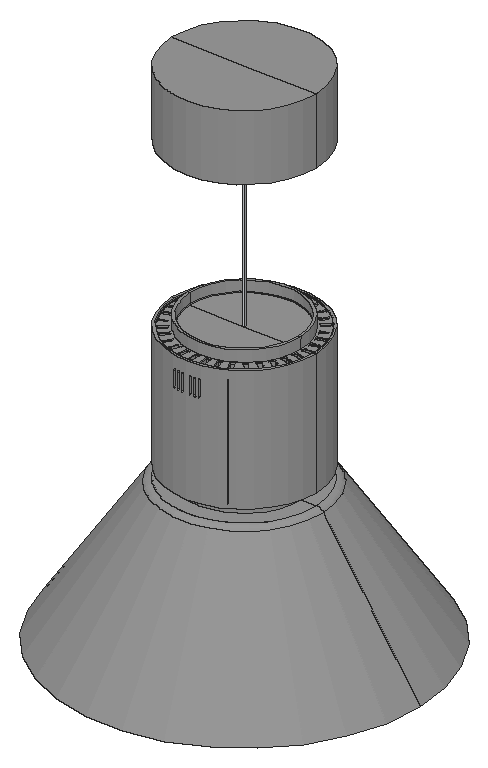
Revit family "LAMP_STORMBELL + WHITE REFLECTOR", category Luminarias, Revit 2015
Parameters (values of type "2084LM 3000 WHITE FLOOD")
  Weight = 4.504 kg
  Type = "COB CITIZEN"
  Suspension height [instance] = 200.00 mm
  Reflector product code = "STBE420W"
  Protection rating = "IP20"
  Product datasheet = "http://www.lamp.es/product-files/TECH/ST117030FL830NBW-EN.pdf"
  Product code = "ST117030FL830NBW"
  Product URL = "https://www.lamp.es/en/family/stormbell_33344"
  Power Supply = "220-240V 50-60Hz"
  Power = 25 W
  Plum = 26.3 W
  Photometric web file = Reflector blanco : 2084LM 3000 WHITE FLOOD
  Modelo = Product code  # "ST117030FL830NBW"
  Material floron = LAMP_Aluminio cuerpo Stormbell
  Material COB = LAMP_COB
  Manufacturer name = "LAMP"
  Manufacturer country = "Spain"
  Manufacturer URL = "http://www.lamp.es/en"
  MacAdam = "<3"
  Luminaire type = "Indoor - Suspended Downlight"
  Last update = "11/11/2020"
  Lamp = "COB LED"
  LED Lifetime = "50.000 L80 B10"
  Insulation class = "I"
  Installation instructions = "http://www.lamp.es/product-files/INS/1003910-B-INSTR.%20STORMBELL.pdf"
  Initial intensity = 2084 lm
  Initial color = 3000 K
  IEE = "A+"
  Height = 173.00 mm
  Gear = "Electronic"
  Finish = "Shiny white"
  Fabricante = Manufacturer name  # "LAMP"
  Efficacy = 79.2 lm/W
  Diameter = 173.00 mm
  Descripción = "STORMBELL 3000 WW FL WH."
  CRI = "80"
  Altura suspension [instance] = if(Suspension height < 0.00 mm, 0.00 mm, if(Suspension height > 3000.00 mm, 3000.00 mm, Suspension height))  # 200.00 mm
Types (8, lengths in mm): name | Weight | Product datasheet | Product code | Power Supply | Power | Plum | Modelo | Initial intensity | Initial color | Efficacy | Descripción
  2084LM 3000 WHITE FLOOD | 4.504 kg | "http://www.lamp.es/product-files/TECH/ST117030FL830NBW-EN.pdf" | "ST117030FL830NBW" | "220-240V 50-60Hz" | 25 W | 26.3 W | "ST117030FL830NBW" | 2084 lm | 3000 K | 79.2 lm/W | "STORMBELL 3000 WW FL WH."
  2084LM 3000 WHITE WIDE FLOOD | 4.504 kg | "http://www.lamp.es/product-files/TECH/ST117030WF830NBW-EN.pdf" | "ST117030WF830NBW" | "220-240V 50-60Hz" | 25 W | 26.3 W | "ST117030WF830NBW" | 2084 lm | 3000 K | 79.2 lm/W | "STORMBELL 3000 WW WFL WH."
  2142LM 4000 WHITE FLOOD | 4.504 kg | "http://www.lamp.es/product-files/TECH/ST117030FL840NBW-EN.pdf" | "ST117030FL840NBW" | "220-240V 50-60Hz" | 25 W | 26.3 W | "ST117030FL840NBW" | 2142 lm | 4000 K | 81.4 lm/W | "STORMBELL 3000 NW FL WH."
  2142LM 4000 WHITE WIDE FLOOD | 4.504 kg | "http://www.lamp.es/product-files/TECH/ST117030WF840NBW-EN.pdf" | "ST117030WF840NBW" | "220-240V 50-60Hz" | 25 W | 26.3 W | "ST117030WF840NBW" | 2142 lm | 4000 K | 81.4 lm/W | "STORMBELL 3000 NW WFL WH."
  3157LM 3000 WHITE WIDE FLOOD | 4.592 kg | "http://www.lamp.es/product-files/TECH/ST117050WF830NBW-EN.pdf" | "ST117050WF830NBW" | "100-240V 50-60Hz" | 44 W | 47.4 W | "ST117050WF830NBW" | 3157 lm | 3000 K | 66.6 lm/W | "STORMBELL 5000 WW WFL WH."
  3226LM 3000 WHITE FLOOD | 4.592 kg | "http://www.lamp.es/product-files/TECH/ST117050FL830NBW-EN.pdf" | "ST117050FL830NBW" | "100-240V 50-60Hz" | 44 W | 47.4 W | "ST117050FL830NBW" | 3226 lm | 3000 K | 68.1 lm/W | "STORMBELL 5000 WW FL WH."
  3245LM 4000 WHITE WIDE FLOOD | 4.592 kg | "http://www.lamp.es/product-files/TECH/ST117050WF840NBW-EN.pdf" | "ST117050WF840NBW" | "100-240V 50-60Hz" | 44 W | 47.4 W | "ST117050WF840NBW" | 3245 lm | 4000 K | 68.5 lm/W | "STORMBELL 5000 NW WFL WH."
  3315LM 4000 WHITE FLOOD | 4.592 kg | "http://www.lamp.es/product-files/TECH/ST117050FL840NBW-EN.pdf" | "ST117050FL840NBW" | "100-240V 50-60Hz" | 44 W | 47.4 W | "ST117050FL840NBW" | 3315 lm | 4000 K | 69.9 lm/W | "STORMBELL 5000 NW FL WH."
Reference planes
  plane 1 "Eje de origen de luz (F/P)": y = 0
  plane 2 "Techo": z = 2438.4
  plane 3 "Eje de origen de luz (I/D)": x = 0
  plane 4 "Elevación de origen de luz": z = 1316.8
  plane 5: z = 2359.2
Forms (mm)
  Revolve 1, solid, material "LAMP_Aluminio cuerpo Stormbell" <- "Material floron"
    sketch origin (0, 0, 0) x (1, 0, 0) y (0, 0, 1)
      loop
        line (0, 2438.4) -> (-86.5, 2438.4) -> (-86.5, 2359.2) -> (-83.75, 2359.2) -> (-83.75, 2371.9) -> (0, 2371.9) -> (0, 2438.4)
      axis (0, 2438.4) -> (0, 2359.2)
    angle from 0 to 360
  Extrusion 2, solid
    sketch origin (0, 0, 0) x (1, 0, 0) y (0, 1, 0)
      loop
        circle (0, 0) r 1
    from 2159.2 to 2371.9
  Revolve 3, solid, material "LAMP_COB" <- "Material COB"
    sketch origin (-474.113, 0, 2159.2) x (1, 0, 0) y (0, 0, 1)
      loop
        line (474.113, -61.467) -> (474.113, -62.467) -> (481.113, -62.467) -> (481.113, -61.467) -> (474.113, -61.467)
      axis (474.113, -61.467) -> (474.113, -62.467)
    angle from 0 to 360
  Extrusion 4, solid, material "LAMP_Aluminio cuerpo Stormbell" <- "Material floron"
    sketch origin (-1.875, 0, 0) x (1, 0, 0) y (0, 1, 0)
      loop
        line (18.156, -7.036) -> (18.156, 7.036)
        arc (18.156, 7.036) -> (17.332, 7.861) -> (16.508, 7.036) r 0.824
        line (16.508, 7.036) -> (16.508, -5.422)
        arc (16.508, -5.422) -> (16.293, -5.94) -> (15.775, -6.154) r 0.733
        line (15.775, -6.154) -> (14.051, -6.154)
        arc (14.051, -6.154) -> (13.604, -6.011) -> (13.324, -5.636) r 0.768
        line (13.324, -5.636) -> (9.075, 6.72)
        arc (9.075, 6.72) -> (7.599, 7.773) -> (6.122, 6.72) r 1.561
        line (6.122, 6.72) -> (1.915, -5.514)
        arc (1.915, -5.514) -> (0.865, -6.139) -> (0.075, -5.206) r 0.946
        line (0.075, -5.206) -> (0.075, 6.255)
        arc (0.075, 6.255) -> (-1.121, 7.917) -> (-3.078, 7.312) r 1.753
        line (-3.078, 7.312) -> (-5.708, 4.681) -> (-8.339, 7.312)
        arc (-8.339, 7.312) -> (-10.295, 7.917) -> (-11.491, 6.255) r 1.753
        line (-11.491, 6.255) -> (-11.491, -5.392)
        arc (-11.491, -5.392) -> (-11.714, -5.931) -> (-12.253, -6.154) r 0.762
        line (-12.253, -6.154) -> (-13.949, -6.154)
        arc (-13.949, -6.154) -> (-14.491, -5.93) -> (-14.715, -5.388) r 0.766
        line (-14.715, -5.388) -> (-14.715, 7.007)
        arc (-14.715, 7.007) -> (-14.94, 7.549) -> (-15.481, 7.773) r 0.766
        line (-15.481, 7.773) -> (-22.184, 7.773)
        arc (-22.184, 7.773) -> (-22.732, 7.546) -> (-22.959, 6.997) r 0.776
        line (-22.959, 6.997) -> (-22.959, 1.093)
        arc (-22.959, 1.093) -> (-22.743, 0.57) -> (-22.22, 0.354) r 0.739
        line (-22.22, 0.354) -> (-17.382, 0.354)
        arc (-17.382, 0.354) -> (-16.557, 1.178) -> (-17.382, 2.002) r 0.824
        line (-17.382, 2.002) -> (-20.553, 2.002)
        arc (-20.553, 2.002) -> (-21.089, 2.224) -> (-21.31, 2.76) r 0.758
        line (-21.31, 2.76) -> (-21.31, 5.362)
        arc (-21.31, 5.362) -> (-21.087, 5.901) -> (-20.548, 6.124) r 0.762
        line (-20.548, 6.124) -> (-17.104, 6.124)
        arc (-17.104, 6.124) -> (-16.581, 5.908) -> (-16.364, 5.384) r 0.74
        line (-16.364, 5.384) -> (-16.364, -7.016)
        arc (-16.364, -7.016) -> (-16.14, -7.557) -> (-15.598, -7.782) r 0.766
        line (-15.598, -7.782) -> (-10.521, -7.782)
        arc (-10.521, -7.782) -> (-10.021, -7.574) -> (-9.814, -7.074) r 0.708
        line (-9.814, -7.074) -> (-9.814, 6.019) -> (-5.708, 1.914) -> (-1.603, 6.019) -> (-1.603, -6.949)
        arc (-1.603, -6.949) -> (-1.39, -7.464) -> (-0.874, -7.677) r 0.729
        line (-0.874, -7.677) -> (2.395, -7.677)
        arc (2.395, -7.677) -> (2.818, -7.542) -> (3.083, -7.187) r 0.727
        line (3.083, -7.187) -> (7.599, 5.936) -> (12.139, -7.259)
        arc (12.139, -7.259) -> (12.421, -7.638) -> (12.871, -7.782) r 0.775
        line (12.871, -7.782) -> (17.411, -7.782)
        arc (17.411, -7.782) -> (17.938, -7.563) -> (18.156, -7.036) r 0.745
    from 2370.9 to 2371.9
Lines and regions (mm)
  reference lines
    curve 1: line (-474.113, 0, 2159.2) -> (435.887, 0, 2159.2)
Text (mm)
  text "Any modification of the parameters and properties of the LAMP BIM models must be executed and validated by the LAMP technical department.\n\nPhone: +34 93 736 68 00\n\nE-mail: lamp@lamp.es\n\n\n\nLAMP reserves the right to modify the technical specifications of its products." at (-12684.27, -18653.432, 16760.065), in view "Preview"
Dimensions and locks
  equal spacing: host sketch curve, plane 3 "Eje de origen de luz (I/D)", host sketch curve
  equal spacing: host sketch curve, plane 1 "Eje de origen de luz (F/P)", host sketch curve
  host sketch curve to host sketch curve = 3048.00 mm  (x2)
  locked: plane 2 "Techo" to plane 5 at 79.2
  "Altura suspension": plane 5 to curve 1
  aligned and locked: plane 5 to Revolve 1
  aligned and locked: curve 1 to Extrusion 2
Automatic sketch dimensions
  Revolve 1 sketch curve to plane 2 "Techo" = 0.00 mm
  Revolve 1 sketch curve to plane 5 = 0.00 mm
  Revolve 1 sketch curve to plane 3 "Eje de origen de luz (I/D)" = 0.00 mm  (x2)
  Revolve 1 sketch curve to plane 3 "Eje de origen de luz (I/D)" = 83.75 mm
  Revolve 1 sketch curve to Revolve 1 sketch curve = 2.75 mm
  plane 5 to Revolve 1 sketch curve = 12.70 mm
  Revolve 1 sketch curve to level = 304.80 mm
  plane 2 "Techo" to Revolve 1 sketch curve = 324.435 mm
  plane 1 "Eje de origen de luz (F/P)" to Extrusion 2 sketch curve = 0.00 mm
  Extrusion 2 sketch curve to plane 3 "Eje de origen de luz (I/D)" = 0.00 mm
  curve 1 to Revolve 3 sketch curve = 61.467 mm
  Revolve 3 sketch curve to curve 1 = 435.887 mm  (x2)
  Revolve 3 sketch curve to Revolve 3 sketch curve = 7.00 mm
  Revolve 3 sketch curve to Revolve 3 sketch curve = 1.00 mm
  Revolve 3 sketch curve to curve 1 = 2364.00 mm
  curve 1 to Revolve 3 sketch curve = 703.635 mm
  Extrusion 4 sketch curve to plane 1 "Eje de origen de luz (F/P)" = 1.093 mm
  Extrusion 4 sketch curve to plane 3 "Eje de origen de luz (I/D)" = 24.834 mm
  Extrusion 4 sketch curve to Extrusion 4 sketch curve = 0.739 mm
  Extrusion 4 sketch curve to Extrusion 4 sketch curve = 0.776 mm
  Extrusion 4 sketch curve to Extrusion 4 sketch curve = 0.873 mm
  Extrusion 4 sketch curve to Extrusion 4 sketch curve = 0.758 mm
  Extrusion 4 sketch curve to Extrusion 4 sketch curve = 0.762 mm  (x2)
  Extrusion 4 sketch curve to Extrusion 4 sketch curve = 3.171 mm
  Extrusion 4 sketch curve to Extrusion 4 sketch curve = 0.277 mm
  Extrusion 4 sketch curve to Extrusion 4 sketch curve = 1.018 mm
  Extrusion 4 sketch curve to Extrusion 4 sketch curve = 0.766 mm  (x2)
  Extrusion 4 sketch curve to Extrusion 4 sketch curve = 1.623 mm
  Extrusion 4 sketch curve to Extrusion 4 sketch curve = 0.883 mm
  Extrusion 4 sketch curve to Extrusion 4 sketch curve = 1.696 mm
  Extrusion 4 sketch curve to Extrusion 4 sketch curve = 0.97 mm
  Extrusion 4 sketch curve to Extrusion 4 sketch curve = 0.708 mm
  Extrusion 4 sketch curve to Extrusion 4 sketch curve = 0.076 mm  (x2)
  Extrusion 4 sketch curve to plane 1 "Eje de origen de luz (F/P)" = 7.312 mm  (x2)
  Extrusion 4 sketch curve to Extrusion 4 sketch curve = 1.399 mm  (x2)
  Extrusion 4 sketch curve to plane 1 "Eje de origen de luz (F/P)" = 4.681 mm
  Extrusion 4 sketch curve to Extrusion 4 sketch curve = 2.631 mm
  Extrusion 4 sketch curve to plane 1 "Eje de origen de luz (F/P)" = 1.914 mm
  Extrusion 4 sketch curve to Extrusion 4 sketch curve = 0.00 mm  (x2)
  Extrusion 4 sketch curve to Extrusion 4 sketch curve = 0.729 mm
  Extrusion 4 sketch curve to Extrusion 4 sketch curve = 1.677 mm
  Extrusion 4 sketch curve to Extrusion 4 sketch curve = 0.946 mm
  plane 1 "Eje de origen de luz (F/P)" to Extrusion 4 sketch curve = 5.514 mm
  Extrusion 4 sketch curve to Extrusion 4 sketch curve = 0.895 mm
  Extrusion 4 sketch curve to Extrusion 4 sketch curve = 0.48 mm
  plane 1 "Eje de origen de luz (F/P)" to Extrusion 4 sketch curve = 7.187 mm
  Extrusion 4 sketch curve to Extrusion 4 sketch curve = 0.688 mm
  Extrusion 4 sketch curve to plane 1 "Eje de origen de luz (F/P)" = 6.72 mm  (x2)
  Extrusion 4 sketch curve to Extrusion 4 sketch curve = 6.048 mm
  Extrusion 4 sketch curve to Extrusion 4 sketch curve = 1.476 mm
  Extrusion 4 sketch curve to plane 1 "Eje de origen de luz (F/P)" = 5.936 mm
  plane 1 "Eje de origen de luz (F/P)" to Extrusion 4 sketch curve = 7.259 mm
  Extrusion 4 sketch curve to Extrusion 4 sketch curve = 9.055 mm
  Extrusion 4 sketch curve to Extrusion 4 sketch curve = 0.733 mm
  plane 1 "Eje de origen de luz (F/P)" to Extrusion 4 sketch curve = 5.636 mm
  Extrusion 4 sketch curve to Extrusion 4 sketch curve = 0.453 mm
  Extrusion 4 sketch curve to Extrusion 4 sketch curve = 0.727 mm
  Extrusion 4 sketch curve to Extrusion 4 sketch curve = 1.725 mm
  Extrusion 4 sketch curve to Extrusion 4 sketch curve = 7.433 mm
  Extrusion 4 sketch curve to Extrusion 4 sketch curve = 0.824 mm  (x2)
  Extrusion 4 sketch curve to Extrusion 4 sketch curve = 0.745 mm
  Extrusion 4 sketch curve to Extrusion 4 sketch curve = 2.146 mm
  plane 1 "Eje de origen de luz (F/P)" to Extrusion 4 sketch curve = 7.782 mm
  Extrusion 4 sketch curve to Extrusion 4 sketch curve = 2.472 mm
  Extrusion 4 sketch curve to Extrusion 4 sketch curve = 0.519 mm
  Extrusion 4 sketch curve to Extrusion 4 sketch curve = 0.862 mm
  Extrusion 4 sketch curve to Extrusion 4 sketch curve = 2.602 mm
  Extrusion 4 sketch curve to Extrusion 4 sketch curve = 0.236 mm
  Extrusion 4 sketch curve to Extrusion 4 sketch curve = 0.276 mm
  Extrusion 4 sketch curve to Extrusion 4 sketch curve = 1.635 mm
  Extrusion 4 sketch curve to Extrusion 4 sketch curve = 0.317 mm
  curve 1 to plane 3 "Eje de origen de luz (I/D)" = 474.113 mm
  plane 3 "Eje de origen de luz (I/D)" to curve 1 = 435.887 mm
  radius of Extrusion 2 sketch curve = 1.00 mm
Nested families
  nested 1: "Core Stormbell" at (0, 0, 1995.7), type "Core Stormbell"
  nested 2: "Reflector blanco" at (0, 0, 302.7), type <- "Photometric web file", type "2084LM 3000 WHITE FLOOD"
Connectors
  electrical at (0, 0, 2438.4)
    settings: on Revolve 1, index 1, voltage 230 V, apparent load 0 VA, apparent load phase1 0 VA, apparent load phase2 0 VA, apparent load phase3 0 VA, power factor 1, load classification "Otro", number of poles 1, system type 31, power factor state 1, is connector primary yes, connector utility no, sub classification motor no, connector description ""
Definition of nested family "Core Stormbell"
  Parameters (values of type "Core Stormbell")
    Material disipador = none
    Material core = none
    Default Elevation = 1219.20 mm
  Reference planes
    plane 1 "Centro (Frontal/Posterior)": y = 0
    plane 2: z = 0
    plane 3 "Centro (Izquierda/Derecha)": x = 0
  Forms (mm)
    Revolve 1, solid, material <- "Material core"
      sketch origin (0, 0, -1221.577) x (1, 0, 0) y (0, 0, 1)
        loop
          line (83.75, 1384.077) -> (83.75, 1383.077) -> (0, 1383.077) -> (0, 1323.61) -> (7, 1323.61) -> (7, 1322.61) -> (22.096, 1322.61)
          arc (22.096, 1322.61) -> (24.519, 1321.984) -> (26.335, 1320.262) r 5
          arc (26.335, 1320.262) -> (44.293, 1286.941) -> (57.8, 1251.58) r 292.631
          line (57.8, 1251.58) -> (59.5, 1251.58) -> (64, 1251.58) -> (64, 1238.077) -> (83.75, 1238.077) -> (83.75, 1237.077) -> (83.75, 1236.077) -> (86.5, 1236.077) -> (86.5, 1385.077) -> (83.75, 1385.077) -> (83.75, 1384.077)
        axis (0, 1385.077) -> (0, 1236.077)
      angle from 0 to 360
    Extrusion 2, void
      sketch origin (0, 0, 0) x (1, 0, 0) y (0, 1, 0)
        loop
          line (-2.75, 81.654) -> (-2.75, 70.747)
          arc (-2.75, 70.747) -> (0, 70.8) -> (2.75, 70.747) r 70.8
          line (2.75, 70.747) -> (2.75, 81.654)
          arc (2.75, 81.654) -> (0, 81.7) -> (-2.75, 81.654) r 81.7
        loop
          arc (-2.75, -81.654) -> (0, -81.7) -> (2.75, -81.654) r 81.7
          line (2.75, -81.654) -> (2.75, -70.747)
          arc (2.75, -70.747) -> (0, -70.8) -> (-2.75, -70.747) r 70.8
          line (-2.75, -70.747) -> (-2.75, -81.654)
        loop
          line (81.654, 2.75) -> (70.747, 2.75)
          arc (70.747, 2.75) -> (70.8, 0) -> (70.747, -2.75) r 70.8
          line (70.747, -2.75) -> (81.654, -2.75)
          arc (81.654, -2.75) -> (81.7, 0) -> (81.654, 2.75) r 81.7
        loop
          arc (-81.654, 2.75) -> (-81.7, 0) -> (-81.654, -2.75) r 81.7
          line (-81.654, -2.75) -> (-70.747, -2.75)
          arc (-70.747, -2.75) -> (-70.8, 0) -> (-70.747, 2.75) r 70.8
          line (-70.747, 2.75) -> (-81.654, 2.75)
        loop
          line (11.471, 80.891) -> (9.577, 70.149)
          arc (9.577, 70.149) -> (12.294, 69.724) -> (14.993, 69.194) r 70.8
          line (14.993, 69.194) -> (16.887, 79.936)
          arc (16.887, 79.936) -> (14.187, 80.459) -> (11.471, 80.891) r 81.7
        loop
          line (25.343, 77.67) -> (21.613, 67.421)
          arc (21.613, 67.421) -> (24.215, 66.53) -> (26.781, 65.539) r 70.8
          line (26.781, 65.539) -> (30.511, 75.789)
          arc (30.511, 75.789) -> (27.943, 76.773) -> (25.343, 77.67) r 81.7
        loop
          line (38.445, 72.089) -> (32.992, 62.643)
          arc (32.992, 62.643) -> (35.4, 61.315) -> (37.755, 59.893) r 70.8
          line (37.755, 59.893) -> (43.208, 69.339)
          arc (43.208, 69.339) -> (40.85, 70.754) -> (38.445, 72.089) r 81.7
        loop
          line (50.379, 64.318) -> (43.368, 55.963)
          arc (43.368, 55.963) -> (45.509, 54.236) -> (47.582, 52.427) r 70.8
          line (47.582, 52.427) -> (54.593, 60.783)
          arc (54.593, 60.783) -> (52.516, 62.586) -> (50.379, 64.318) r 81.7
        loop
          line (60.783, 54.593) -> (52.427, 47.582)
          arc (52.427, 47.582) -> (54.236, 45.509) -> (55.963, 43.368) r 70.8
          line (55.963, 43.368) -> (64.318, 50.379)
          arc (64.318, 50.379) -> (62.586, 52.516) -> (60.783, 54.593) r 81.7
        loop
          line (69.339, 43.208) -> (59.893, 37.755)
          arc (59.893, 37.755) -> (61.315, 35.4) -> (62.643, 32.992) r 70.8
          line (62.643, 32.992) -> (72.089, 38.445)
          arc (72.089, 38.445) -> (70.754, 40.85) -> (69.339, 43.208) r 81.7
        loop
          line (75.789, 30.511) -> (65.539, 26.781)
          arc (65.539, 26.781) -> (66.53, 24.215) -> (67.421, 21.613) r 70.8
          line (67.421, 21.613) -> (77.67, 25.343)
          arc (77.67, 25.343) -> (76.773, 27.943) -> (75.789, 30.511) r 81.7
        loop
          line (79.936, 16.887) -> (69.194, 14.993)
          arc (69.194, 14.993) -> (69.724, 12.294) -> (70.149, 9.577) r 70.8
          line (70.149, 9.577) -> (80.891, 11.471)
          arc (80.891, 11.471) -> (80.459, 14.187) -> (79.936, 16.887) r 81.7
        loop
          arc (-11.471, 80.891) -> (-14.187, 80.459) -> (-16.887, 79.936) r 81.7
          line (-16.887, 79.936) -> (-14.993, 69.194)
          arc (-14.993, 69.194) -> (-12.294, 69.724) -> (-9.577, 70.149) r 70.8
          line (-9.577, 70.149) -> (-11.471, 80.891)
        loop
          arc (-25.343, 77.67) -> (-27.943, 76.773) -> (-30.511, 75.789) r 81.7
          line (-30.511, 75.789) -> (-26.781, 65.539)
          arc (-26.781, 65.539) -> (-24.215, 66.53) -> (-21.613, 67.421) r 70.8
          line (-21.613, 67.421) -> (-25.343, 77.67)
        loop
          arc (-38.445, 72.089) -> (-40.85, 70.754) -> (-43.208, 69.339) r 81.7
          line (-43.208, 69.339) -> (-37.755, 59.893)
          arc (-37.755, 59.893) -> (-35.4, 61.315) -> (-32.992, 62.643) r 70.8
          line (-32.992, 62.643) -> (-38.445, 72.089)
        loop
          arc (-50.379, 64.318) -> (-52.516, 62.586) -> (-54.593, 60.783) r 81.7
          line (-54.593, 60.783) -> (-47.582, 52.427)
          arc (-47.582, 52.427) -> (-45.509, 54.236) -> (-43.368, 55.963) r 70.8
          line (-43.368, 55.963) -> (-50.379, 64.318)
        loop
          arc (-60.783, 54.593) -> (-62.586, 52.516) -> (-64.318, 50.379) r 81.7
          line (-64.318, 50.379) -> (-55.963, 43.368)
          arc (-55.963, 43.368) -> (-54.236, 45.509) -> (-52.427, 47.582) r 70.8
          line (-52.427, 47.582) -> (-60.783, 54.593)
        loop
          arc (-69.339, 43.208) -> (-70.754, 40.85) -> (-72.089, 38.445) r 81.7
          line (-72.089, 38.445) -> (-62.643, 32.992)
          arc (-62.643, 32.992) -> (-61.315, 35.4) -> (-59.893, 37.755) r 70.8
          line (-59.893, 37.755) -> (-69.339, 43.208)
        loop
          arc (-75.789, 30.511) -> (-76.773, 27.943) -> (-77.67, 25.343) r 81.7
          line (-77.67, 25.343) -> (-67.421, 21.613)
          arc (-67.421, 21.613) -> (-66.53, 24.215) -> (-65.539, 26.781) r 70.8
          line (-65.539, 26.781) -> (-75.789, 30.511)
        loop
          arc (-79.936, 16.887) -> (-80.459, 14.187) -> (-80.891, 11.471) r 81.7
          line (-80.891, 11.471) -> (-70.149, 9.577)
          arc (-70.149, 9.577) -> (-69.724, 12.294) -> (-69.194, 14.993) r 70.8
          line (-69.194, 14.993) -> (-79.936, 16.887)
        loop
          arc (11.471, -80.891) -> (14.187, -80.459) -> (16.887, -79.936) r 81.7
          line (16.887, -79.936) -> (14.993, -69.194)
          arc (14.993, -69.194) -> (12.294, -69.724) -> (9.577, -70.149) r 70.8
          line (9.577, -70.149) -> (11.471, -80.891)
        loop
          arc (25.343, -77.67) -> (27.943, -76.773) -> (30.511, -75.789) r 81.7
          line (30.511, -75.789) -> (26.781, -65.539)
          arc (26.781, -65.539) -> (24.215, -66.53) -> (21.613, -67.421) r 70.8
          line (21.613, -67.421) -> (25.343, -77.67)
        loop
          arc (38.445, -72.089) -> (40.85, -70.754) -> (43.208, -69.339) r 81.7
          line (43.208, -69.339) -> (37.755, -59.893)
          arc (37.755, -59.893) -> (35.4, -61.315) -> (32.992, -62.643) r 70.8
          line (32.992, -62.643) -> (38.445, -72.089)
        loop
          arc (50.379, -64.318) -> (52.516, -62.586) -> (54.593, -60.783) r 81.7
          line (54.593, -60.783) -> (47.582, -52.427)
          arc (47.582, -52.427) -> (45.509, -54.236) -> (43.368, -55.963) r 70.8
          line (43.368, -55.963) -> (50.379, -64.318)
        loop
          arc (60.783, -54.593) -> (62.586, -52.516) -> (64.318, -50.379) r 81.7
          line (64.318, -50.379) -> (55.963, -43.368)
          arc (55.963, -43.368) -> (54.236, -45.509) -> (52.427, -47.582) r 70.8
          line (52.427, -47.582) -> (60.783, -54.593)
        loop
          arc (69.339, -43.208) -> (70.754, -40.85) -> (72.089, -38.445) r 81.7
          line (72.089, -38.445) -> (62.643, -32.992)
          arc (62.643, -32.992) -> (61.315, -35.4) -> (59.893, -37.755) r 70.8
          line (59.893, -37.755) -> (69.339, -43.208)
        loop
          arc (75.789, -30.511) -> (76.773, -27.943) -> (77.67, -25.343) r 81.7
          line (77.67, -25.343) -> (67.421, -21.613)
          arc (67.421, -21.613) -> (66.53, -24.215) -> (65.539, -26.781) r 70.8
          line (65.539, -26.781) -> (75.789, -30.511)
        loop
          arc (79.936, -16.887) -> (80.459, -14.187) -> (80.891, -11.471) r 81.7
          line (80.891, -11.471) -> (70.149, -9.577)
          arc (70.149, -9.577) -> (69.724, -12.294) -> (69.194, -14.993) r 70.8
          line (69.194, -14.993) -> (79.936, -16.887)
        loop
          line (-11.471, -80.891) -> (-9.577, -70.149)
          arc (-9.577, -70.149) -> (-12.294, -69.724) -> (-14.993, -69.194) r 70.8
          line (-14.993, -69.194) -> (-16.887, -79.936)
          arc (-16.887, -79.936) -> (-14.187, -80.459) -> (-11.471, -80.891) r 81.7
        loop
          line (-25.343, -77.67) -> (-21.613, -67.421)
          arc (-21.613, -67.421) -> (-24.215, -66.53) -> (-26.781, -65.539) r 70.8
          line (-26.781, -65.539) -> (-30.511, -75.789)
          arc (-30.511, -75.789) -> (-27.943, -76.773) -> (-25.343, -77.67) r 81.7
        loop
          line (-38.445, -72.089) -> (-32.992, -62.643)
          arc (-32.992, -62.643) -> (-35.4, -61.315) -> (-37.755, -59.893) r 70.8
          line (-37.755, -59.893) -> (-43.208, -69.339)
          arc (-43.208, -69.339) -> (-40.85, -70.754) -> (-38.445, -72.089) r 81.7
        loop
          line (-50.379, -64.318) -> (-43.368, -55.963)
          arc (-43.368, -55.963) -> (-45.509, -54.236) -> (-47.582, -52.427) r 70.8
          line (-47.582, -52.427) -> (-54.593, -60.783)
          arc (-54.593, -60.783) -> (-52.516, -62.586) -> (-50.379, -64.318) r 81.7
        loop
          line (-60.783, -54.593) -> (-52.427, -47.582)
          arc (-52.427, -47.582) -> (-54.236, -45.509) -> (-55.963, -43.368) r 70.8
          line (-55.963, -43.368) -> (-64.318, -50.379)
          arc (-64.318, -50.379) -> (-62.586, -52.516) -> (-60.783, -54.593) r 81.7
        loop
          line (-69.339, -43.208) -> (-59.893, -37.755)
          arc (-59.893, -37.755) -> (-61.315, -35.4) -> (-62.643, -32.992) r 70.8
          line (-62.643, -32.992) -> (-72.089, -38.445)
          arc (-72.089, -38.445) -> (-70.754, -40.85) -> (-69.339, -43.208) r 81.7
        loop
          line (-75.789, -30.511) -> (-65.539, -26.781)
          arc (-65.539, -26.781) -> (-66.53, -24.215) -> (-67.421, -21.613) r 70.8
          line (-67.421, -21.613) -> (-77.67, -25.343)
          arc (-77.67, -25.343) -> (-76.773, -27.943) -> (-75.789, -30.511) r 81.7
        loop
          line (-79.936, -16.887) -> (-69.194, -14.993)
          arc (-69.194, -14.993) -> (-69.724, -12.294) -> (-70.149, -9.577) r 70.8
          line (-70.149, -9.577) -> (-80.891, -11.471)
          arc (-80.891, -11.471) -> (-80.459, -14.187) -> (-79.936, -16.887) r 81.7
      from 14.5 to 163.5
    Extrusion 3, void
      sketch origin (0, 0, 0) x (1, 0, 0) y (0, 0, 1)
        loop
          arc (-3.5, 147.5) -> (-4.75, 148.75) -> (-6, 147.5) r 1.25
          line (-6, 147.5) -> (-6, 129.5)
          arc (-6, 129.5) -> (-4.75, 128.25) -> (-3.5, 129.5) r 1.25
          line (-3.5, 129.5) -> (-3.5, 147.5)
        loop
          arc (-8.5, 147.5) -> (-9.75, 148.75) -> (-11, 147.5) r 1.25
          line (-11, 147.5) -> (-11, 129.5)
          arc (-11, 129.5) -> (-9.75, 128.25) -> (-8.5, 129.5) r 1.25
          line (-8.5, 129.5) -> (-8.5, 147.5)
        loop
          arc (-13.5, 147.5) -> (-14.75, 148.75) -> (-16, 147.5) r 1.25
          line (-16, 147.5) -> (-16, 129.5)
          arc (-16, 129.5) -> (-14.75, 128.25) -> (-13.5, 129.5) r 1.25
          line (-13.5, 129.5) -> (-13.5, 147.5)
        loop
          arc (16, 147.5) -> (14.75, 148.75) -> (13.5, 147.5) r 1.25
          line (13.5, 147.5) -> (13.5, 129.5)
          arc (13.5, 129.5) -> (14.75, 128.25) -> (16, 129.5) r 1.25
          line (16, 129.5) -> (16, 147.5)
        loop
          arc (11, 147.5) -> (9.75, 148.75) -> (8.5, 147.5) r 1.25
          line (8.5, 147.5) -> (8.5, 129.5)
          arc (8.5, 129.5) -> (9.75, 128.25) -> (11, 129.5) r 1.25
          line (11, 129.5) -> (11, 147.5)
        loop
          arc (6, 147.5) -> (4.75, 148.75) -> (3.5, 147.5) r 1.25
          line (3.5, 147.5) -> (3.5, 129.5)
          arc (3.5, 129.5) -> (4.75, 128.25) -> (6, 129.5) r 1.25
          line (6, 129.5) -> (6, 147.5)
      from -87.047 to 87.159
    Revolve 4, solid, material <- "Material disipador"
      sketch origin (0, 0, 0) x (1, 0, 0) y (0, 0, 1)
        loop
          line (65.3, 175.5) -> (65.3, 163.5) -> (65.3, 162.5) -> (0, 162.5) -> (0, 161.5) -> (82.8, 161.5) -> (82.8, 16.5) -> (64, 16.5) -> (64, 13.203) -> (53.7, 13.203) -> (53.7, 10.703) -> (64, 10.703) -> (64, 6.703) -> (65.3, 0) -> (68.2, 0) -> (68.2, 15.5) -> (83.75, 15.5) -> (83.75, 162.5) -> (68.2, 162.5) -> (68.2, 175.5) -> (65.3, 175.5)
        axis (0, 175.5) -> (0, 0)
      angle from 0 to 360
  Cuts and joins
    Extrusion 2, Extrusion 3 cuts Revolve 1
    Extrusion 2 cuts Revolve 4
  Dimensions and locks
    aligned and locked: level to plane 2
Definition of nested family "Reflector blanco"
  Parameters (values of type "2084LM 3000 WHITE FLOOD")
    Tilt Angle = 90.00°
    Wattage = 26.3 W
    Separación luz = 20.00 mm
    built-in parameter 1150110 = 1 (stored number, unit not read)
    Material reflector = none
    built-in parameter 1114217 = 1 (stored number, unit not read)
    built-in parameter 1150109 = 1 (stored number, unit not read)
    Default Elevation = 1219.20 mm
    built-in parameter 1150134 = (empty or 0)
    built-in parameter 1150113 = 1 (stored number, unit not read)
    Lumens = 2083.75 lm
    built-in parameter 1150115 = 1 (stored number, unit not read)
    built-in parameter 1150105 = 4117.3 (stored number, unit not read)
    built-in parameter 1150137 = (empty or 0)
    built-in parameter 1150139 = (empty or 0)
    built-in parameter 1150112 = 1 (stored number, unit not read)
    built-in parameter 1150114 = 1 (stored number, unit not read)
    built-in parameter 1150132 = 2
    built-in parameter 1150102 = (empty or 0)
    built-in parameter 1150138 = (empty or 0)
    built-in parameter 1150107 = 3000 (stored number, unit not read)
    built-in parameter 1150106 = 41.173 (stored number, unit not read)
    built-in parameter 1150104 = 7.3607 (stored number, unit not read)
    Dimming Lamp Color Temperature Shift = (empty or 0)
    Color Filter = 16777215
    built-in parameter 1114218 = 1 (stored number, unit not read)
    Photometric Web File = "10441001+10400100_100.IES"
    built-in parameter 1150133 = 10 (stored number, unit not read)
  Types (9, lengths in mm): name | Wattage | built-in parameter 1150134 | Lumens | built-in parameter 1150105 | built-in parameter 1150107 | built-in parameter 1150106 | built-in parameter 1150104 | Photometric Web File
    (no name) | 26.3 W | (empty or 0) | 2083.75 lm | 4117.3 (stored number, unit not read) | 3000 (stored number, unit not read) | 41.173 (stored number, unit not read) | 7.3607 (stored number, unit not read) | "10441001+10400100_100.IES"
    2084LM 3000 WHITE FLOOD | 26.3 W | (empty or 0) | 2083.75 lm | 4117.3 (stored number, unit not read) | 3000 (stored number, unit not read) | 41.173 (stored number, unit not read) | 7.3607 (stored number, unit not read) | "10441001+10400100_100.IES"
    2084LM 3000 WHITE WIDE FLOOD | 26.3 W | (empty or 0) | 2083.75 lm | 4117.3 (stored number, unit not read) | 3000 (stored number, unit not read) | 41.173 (stored number, unit not read) | 7.3607 (stored number, unit not read) | "10441011+10400100_100.IES"
    2142LM 4000 WHITE FLOOD | 26.3 W | 12 | 2141.87 lm | 2429.2 (stored number, unit not read) | 4000 (stored number, unit not read) | 24.292 (stored number, unit not read) | 7.566 (stored number, unit not read) | "10440001+10400100_100.IES"
    2142LM 4000 WHITE WIDE FLOOD | 26.3 W | 12 | 2141.87 lm | 2429.2 (stored number, unit not read) | 4000 (stored number, unit not read) | 24.292 (stored number, unit not read) | 7.566 (stored number, unit not read) | "10440011+10400100_100.IES"
    3157LM 3000 WHITE WIDE FLOOD | 47.4 W | (empty or 0) | 3156.84 lm | 3580.2 (stored number, unit not read) | 3000 (stored number, unit not read) | 35.802 (stored number, unit not read) | 6.1873 (stored number, unit not read) | "10441031+10400100_100.IES"
    3226LM 3000 WHITE FLOOD | 47.4 W | (empty or 0) | 3226.04 lm | 3697.9 (stored number, unit not read) | 3000 (stored number, unit not read) | 36.979 (stored number, unit not read) | 6.323 (stored number, unit not read) | "10441021+10400100_100.IES"
    3245LM 4000 WHITE WIDE FLOOD | 47.4 W | 12 | 3246.9 lm | 6411.7 (stored number, unit not read) | 4000 (stored number, unit not read) | 64.117 (stored number, unit not read) | 6.3639 (stored number, unit not read) | "10440031+10400100_100.IES"
    3315LM 4000 WHITE FLOOD | 47.4 W | 12 | 3315.16 lm | 3800.1 (stored number, unit not read) | 4000 (stored number, unit not read) | 38.001 (stored number, unit not read) | 6.4976 (stored number, unit not read) | "10440021+10400100_100.IES"
  Reference planes
    plane 1 "Eje de origen de luz (F/P)": y = 0
    plane 2: z = 0
    plane 3 "Eje de origen de luz (I/D)": x = 0
    plane 4 "Elevación de origen de luz": z = 1500
    plane 5: z = 1520
  Forms (mm)
    Revolve 1, solid, material <- "Material reflector"
      sketch origin (0, 0, 0) x (1, 0, 0) y (0, 0, 1)
        loop
          line (210, 1520) -> (95.087, 1688.631)
          arc (95.087, 1688.631) -> (91.497, 1691.841) -> (86.823, 1693) r 10
          line (86.823, 1693) -> (62, 1693) -> (53, 1693) -> (53, 1711.2) -> (50.4, 1711.2) -> (50.4, 1692) -> (86.305, 1692)
          arc (86.305, 1692) -> (90.979, 1690.841) -> (94.568, 1687.631) r 10
          line (94.568, 1687.631) -> (208.8, 1520) -> (210, 1520)
        axis (0, 1711.2) -> (0, 1520)
      angle from 0 to 360
  Dimensions and locks
    "Separación luz": plane 5 to plane 4 "Elevación de origen de luz"
    aligned and locked: plane 3 "Eje de origen de luz (I/D)" to imposter light
    aligned and locked: plane 1 "Eje de origen de luz (F/P)" to imposter light
    aligned and locked: plane 4 "Elevación de origen de luz" to imposter light
    aligned and locked: level to plane 2
  Automatic sketch dimensions
    Revolve 1 sketch curve to plane 3 "Eje de origen de luz (I/D)" = 0.00 mm
    Revolve 1 sketch curve to plane 5 = 0.00 mm
    plane 3 "Eje de origen de luz (I/D)" to Revolve 1 sketch curve = 50.40 mm
    Revolve 1 sketch curve to Revolve 1 sketch curve = 2.60 mm
    Revolve 1 sketch curve to Revolve 1 sketch curve = 9.00 mm
    Revolve 1 sketch curve to Revolve 1 sketch curve = 24.305 mm
    Revolve 1 sketch curve to Revolve 1 sketch curve = 0.519 mm  (x2)
    Revolve 1 sketch curve to Revolve 1 sketch curve = 7.745 mm
    Revolve 1 sketch curve to Revolve 1 sketch curve = 114.232 mm
    Revolve 1 sketch curve to Revolve 1 sketch curve = 1.20 mm
    plane 5 to Revolve 1 sketch curve = 162.00 mm
    Revolve 1 sketch curve to Revolve 1 sketch curve = 1.00 mm  (x2)
    Revolve 1 sketch curve to Revolve 1 sketch curve = 4.631 mm
    Revolve 1 sketch curve to Revolve 1 sketch curve = 18.20 mm
    Revolve 1 sketch curve to level = 271.696 mm
    Revolve 1 sketch curve to Revolve 1 sketch curve = 8.574 mm
